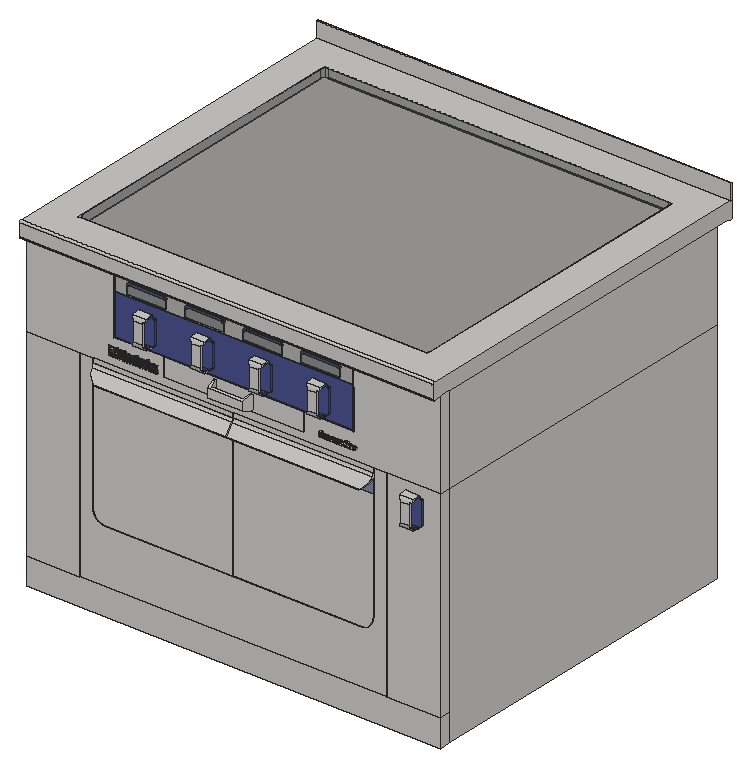
Revit family "QF_ELECTROLUXPROFESSIONAL_589710_MCTHFBJ4AO", category Attrezzature speciali, Revit 2020 (continued)
Definition of nested family "Front_Panel_W1000_Four Knobs"
  Definition of nested family "ELX_Professional_Logo_Small"
    Forms (mm)
      Extrusion 2, solid, material <- "Material_Logo"
        sketch origin (15.5, 0, 0) x (1, 0, 0) y (0, 1, 0)
          loop
            line (40.457, -0.243) -> (38.894, 1.942) -> (40.83, 4.579) -> (42.488, 6.837) -> (39.782, 6.837) -> (37.53, 3.719) -> (35.258, 6.837) -> (32.573, 6.837) -> (34.113, 4.731) -> (36.167, 1.922) -> (34.014, -1.076) -> (32.222, -3.573) -> (34.887, -3.573) -> (37.53, 0.104) -> (40.174, -3.573) -> (42.839, -3.573) -> (40.457, -0.243)
          loop
            line (-46.121, -5.837) -> (-48.039, -5.837) -> (-48.039, -10.814) -> (-47.016, -10.814) -> (-47.016, -9.128) -> (-46.121, -9.128)
            arc (-46.121, -9.128) -> (-44.476, -7.482) -> (-46.121, -5.837) r 1.645
          loop
            line (-46.163, -6.778) -> (-47.016, -6.778) -> (-47.016, -8.187) -> (-46.163, -8.187)
            arc (-46.163, -8.187) -> (-45.458, -7.482) -> (-46.163, -6.778) r 0.704
          loop
            line (-38.313, -5.837) -> (-40.265, -5.837) -> (-40.265, -10.814) -> (-39.241, -10.814) -> (-39.241, -9.1) -> (-38.46, -9.182) -> (-37.48, -10.814) -> (-36.318, -10.814) -> (-37.513, -8.848)
            arc (-37.513, -8.848) -> (-36.888, -8.266) -> (-36.671, -7.441) r 1.536
            arc (-36.671, -7.441) -> (-37.165, -6.305) -> (-38.313, -5.837) r 1.643
          loop
            arc (-38.402, -8.166) -> (-37.707, -7.505) -> (-38.334, -6.778) r 0.696
            line (-38.334, -6.778) -> (-39.241, -6.778) -> (-39.241, -8.166) -> (-38.402, -8.166)
          loop
            circle (-29.965, -8.325) r 2.585
          loop
            circle (-29.965, -8.325) r 1.64
          loop
            line (-23.1, -5.837) -> (-23.1, -10.814) -> (-22.076, -10.814) -> (-22.076, -8.768) -> (-20.204, -8.768) -> (-20.204, -7.828) -> (-22.076, -7.828) -> (-22.076, -6.778) -> (-20.024, -6.778) -> (-20.024, -5.837) -> (-23.1, -5.837)
          loop
            line (-15.802, -5.837) -> (-15.802, -9.2)
            arc (-15.802, -9.2) -> (-15.343, -10.34) -> (-14.209, -10.814) r 1.593
            line (-14.209, -10.814) -> (-12.602, -10.814) -> (-12.602, -10.027) -> (-14.004, -10.027)
            arc (-14.004, -10.027) -> (-14.552, -9.8) -> (-14.779, -9.252) r 0.775
            line (-14.779, -9.252) -> (-14.779, -8.424) -> (-12.789, -8.424) -> (-12.789, -7.642) -> (-14.779, -7.642) -> (-14.779, -6.778) -> (-12.651, -6.778) -> (-12.651, -5.837) -> (-15.802, -5.837)
          loop
            line (-5.909, -7.143) -> (-5.173, -6.638)
            arc (-5.173, -6.638) -> (-5.855, -5.974) -> (-6.781, -5.755) r 1.782
            arc (-6.781, -5.755) -> (-7.397, -5.878) -> (-7.944, -6.189) r 1.974
            arc (-7.944, -6.189) -> (-8.202, -6.5) -> (-8.317, -6.888) r 1.013
            arc (-8.317, -6.888) -> (-8.306, -7.341) -> (-8.192, -7.78) r 1.985
            arc (-8.192, -7.78) -> (-7.749, -8.259) -> (-7.171, -8.563) r 1.928
            arc (-7.171, -8.563) -> (-6.637, -8.779) -> (-6.131, -9.056) r 5.041
            arc (-6.131, -9.056) -> (-5.934, -9.387) -> (-6.09, -9.74) r 0.42
            arc (-6.09, -9.74) -> (-6.631, -9.96) -> (-7.204, -9.845) r 1.016
            arc (-7.204, -9.845) -> (-7.625, -9.603) -> (-7.889, -9.196) r 1.033
            line (-7.889, -9.196) -> (-8.67, -9.686)
            arc (-8.67, -9.686) -> (-8.361, -10.198) -> (-7.908, -10.589) r 1.914
            arc (-7.908, -10.589) -> (-7.334, -10.834) -> (-6.714, -10.896) r 2.063
            arc (-6.714, -10.896) -> (-5.947, -10.743) -> (-5.256, -10.376) r 2.696
            arc (-5.256, -10.376) -> (-4.95, -9.565) -> (-5.108, -8.712) r 1.618
            arc (-5.108, -8.712) -> (-5.448, -8.319) -> (-5.884, -8.035) r 1.876
            arc (-5.884, -8.035) -> (-6.434, -7.789) -> (-6.999, -7.577) r 9.883
            arc (-6.999, -7.577) -> (-7.325, -7.07) -> (-6.854, -6.694) r 0.45
            arc (-6.854, -6.694) -> (-6.329, -6.809) -> (-5.909, -7.143) r 1.197
          loop
            line (1.61, -7.143) -> (2.345, -6.638)
            arc (2.345, -6.638) -> (1.663, -5.974) -> (0.737, -5.755) r 1.782
            arc (0.737, -5.755) -> (0.121, -5.878) -> (-0.425, -6.189) r 1.974
            arc (-0.425, -6.189) -> (-0.683, -6.5) -> (-0.799, -6.888) r 1.013
            arc (-0.799, -6.888) -> (-0.788, -7.341) -> (-0.674, -7.78) r 1.985
            arc (-0.674, -7.78) -> (-0.231, -8.259) -> (0.347, -8.563) r 1.928
            arc (0.347, -8.563) -> (0.881, -8.779) -> (1.387, -9.056) r 5.041
            arc (1.387, -9.056) -> (1.584, -9.387) -> (1.428, -9.74) r 0.42
            arc (1.428, -9.74) -> (0.887, -9.96) -> (0.314, -9.845) r 1.016
            arc (0.314, -9.845) -> (-0.107, -9.603) -> (-0.371, -9.196) r 1.033
            line (-0.371, -9.196) -> (-1.152, -9.686)
            arc (-1.152, -9.686) -> (-0.842, -10.198) -> (-0.39, -10.589) r 1.914
            arc (-0.39, -10.589) -> (0.184, -10.834) -> (0.804, -10.896) r 2.063
            arc (0.804, -10.896) -> (1.572, -10.743) -> (2.263, -10.376) r 2.696
            arc (2.263, -10.376) -> (2.568, -9.565) -> (2.411, -8.712) r 1.618
            arc (2.411, -8.712) -> (2.07, -8.319) -> (1.635, -8.035) r 1.876
            arc (1.635, -8.035) -> (1.084, -7.789) -> (0.519, -7.577) r 9.883
            arc (0.519, -7.577) -> (0.193, -7.07) -> (0.665, -6.694) r 0.45
            arc (0.665, -6.694) -> (1.189, -6.809) -> (1.61, -7.143) r 1.197
          loop
            line (6.801, -5.837) -> (6.801, -10.814) -> (7.825, -10.814) -> (7.825, -5.837) -> (6.801, -5.837)
          loop
            circle (14.724, -8.325) r 1.548
          loop
            circle (14.724, -8.325) r 2.585
          loop
            line (21.59, -10.814) -> (22.623, -10.814) -> (22.623, -7.685) -> (24.9, -10.814) -> (25.895, -10.814) -> (25.895, -5.837) -> (24.861, -5.837) -> (24.861, -9.061) -> (22.585, -5.837) -> (21.59, -5.837) -> (21.59, -10.814)
          loop
            line (31.054, -10.814) -> (31.539, -9.74) -> (33.38, -9.74) -> (33.865, -10.814) -> (34.965, -10.814) -> (32.46, -5.837) -> (29.956, -10.814) -> (31.054, -10.814)
          loop
            line (32.46, -7.698) -> (31.999, -8.719) -> (32.921, -8.719) -> (32.46, -7.698)
          loop
            line (40.047, -9.873) -> (40.047, -5.837) -> (39.024, -5.837) -> (39.024, -10.814) -> (41.961, -10.814) -> (41.961, -9.873) -> (40.047, -9.873)
          loop
            line (-74.986, -10.814) -> (-53.322, -10.814) -> (-53.322, 10.82) -> (-74.986, 10.82) -> (-74.986, -10.814)
          loop
            line (-61.261, 9.758) -> (-61.261, -9.707)
            arc (-61.261, -9.707) -> (-54.066, 0.025) -> (-61.261, 9.758) r 10.18
          loop
            line (-62.251, 8.349) -> (-62.251, 9.758)
            arc (-62.251, 9.758) -> (-70.347, 7.918) -> (-74.247, 0.59) r 9.976
            line (-74.247, 0.59) -> (-71.026, 0.59)
            arc (-71.026, 0.59) -> (-65.274, 2.925) -> (-62.251, 8.349) r 9.351
          loop
            arc (-74.247, -0.539) -> (-70.353, -7.928) -> (-62.251, -9.957) r 10.237
            line (-62.251, -9.957) -> (-62.251, -8.298)
            arc (-62.251, -8.298) -> (-65.274, -2.874) -> (-71.026, -0.539) r 9.351
            line (-71.026, -0.539) -> (-74.247, -0.539)
        from 0 to 1.644
    Dimensions and locks
      aligned and locked: plane 2 to Extrusion 1
      aligned and locked: level to Extrusion 1
Definition of nested family "H450H2W1000_2DOOR"
  Parameters
    Width [instance] = 680 mm
    Wdoor [instance] = Width / 2  # 340 mm
    Show Clearance [instance] = yes
    Model = "727995"
    Height = 450 mm
    Default Elevation = 0 mm
  Reference planes
    plane 1 "Center (Front/Back)": y = 0
    plane 2: z = 0
    plane 3 "Center (Left/Right)": x = 36.042
    plane 4 "panel": z = 25
    plane 5: x = -303.958
    plane 6: x = 376.042
    plane 7: y = 450
    plane 8: z = 340
    plane 9: z = 45
  Forms (mm)
    Extrusion 1, solid
      sketch origin (0, -919.2, 0) x (1, 0, 0) y (0, 1, 0)
        loop
          line (-980.5, 2119.2) -> (-980.5, -162.846) -> (881.94, -162.846) -> (881.94, 2119.2) -> (-980.5, 2119.2)
      from 0 to -59.546
    Extrusion 2, solid
      sketch origin (0, 0, 0) x (1, 0, 0) y (0, 1, 0)
        loop
          line (374.042, 393) -> (37.042, 393) -> (37.042, 97) -> (344.042, 97)
          arc (344.042, 97) -> (365.255, 105.787) -> (374.042, 127) r 30
          line (374.042, 127) -> (374.042, 393)
        loop
          arc (-301.958, 127) -> (-293.171, 105.787) -> (-271.958, 97) r 30
          line (-271.958, 97) -> (35.042, 97) -> (35.042, 393) -> (-301.958, 393) -> (-301.958, 127)
      from 0 to 25
    Extrusion 3, solid
      sketch origin (0, 0, 0) x (1, 0, 0) y (0, 1, 0)
        loop
          line (-301.958, 393) -> (35.042, 393) -> (35.042, 440) -> (-301.958, 440) -> (-301.958, 393)
        loop
          line (37.042, 440) -> (37.042, 393) -> (374.042, 393) -> (374.042, 440) -> (37.042, 440)
      from 0 to 25
    Extrusion 4, solid
      sketch origin (5.581, 79.805, 0) x (1, 0, 0) y (0, 1, 0)
        loop
          line (-307.539, 360.195) -> (29.461, 360.195) -> (29.461, 370.195) -> (-307.539, 370.195) -> (-307.539, 360.195)
        loop
          line (31.461, 370.195) -> (31.461, 360.195) -> (368.461, 360.195) -> (368.461, 370.195) -> (31.461, 370.195)
      from 0 to 25
    Extrusion 5, solid
      sketch origin (36.042, 0, 0) x (0, 1, 0) y (0, 0, 1)
        loop
          line (426.693, 25) -> (440.02, 25)
          arc (440.02, 25) -> (435.261, 25.775) -> (430.993, 28.02) r 15
          line (430.993, 28.02) -> (406.653, 46.362) -> (403.644, 42.369) -> (426.693, 25)
      from 1 to 338
    Extrusion 6, solid
      sketch origin (36.042, 0, 0) x (0, 1, 0) y (0, 0, 1)
        loop
          line (426.693, 25) -> (440.02, 25)
          arc (440.02, 25) -> (435.261, 25.775) -> (430.993, 28.02) r 15
          line (430.993, 28.02) -> (406.653, 46.362) -> (403.644, 42.369) -> (426.693, 25)
      from -338 to -1
    Extrusion 7, void
      sketch origin (0, 0, 0) x (1, 0, 0) y (0, 1, 0)
        loop
          arc (374.042, 426.693) -> (364.508, 412.772) -> (350.317, 403.644) r 42.603
          line (350.317, 403.644) -> (374.042, 403.644) -> (374.042, 426.693)
      from 0 to 47.9
    Extrusion 8, void
      sketch origin (72.084, 0, 0) x (-1, 0, 0) y (0, -1, 0)
        loop
          line (374.042, -426.693) -> (374.042, -403.644) -> (350.317, -403.644)
          arc (350.317, -403.644) -> (364.508, -412.772) -> (374.042, -426.693) r 42.603
      from 0 to 47.9
    Extrusion 9, solid, detail levels coarse
      sketch origin (0, 0, 0) x (1, 0, 0) y (0, 0, 1)
        loop
          arc (36.231, 25) -> (-56.085, 247.873) -> (-278.958, 340.189) r 315.189
          line (-278.958, 340.189) -> (-278.958, 25) -> (36.231, 25)
      from -450 to -97
    Extrusion 10, solid, detail levels coarse
      sketch origin (0, 0, 0) x (1, 0, 0) y (0, 0, 1)
        loop
          arc (351.042, 340) -> (128.303, 247.739) -> (36.042, 25) r 315
          line (36.042, 25) -> (351.042, 25) -> (351.042, 340)
      from -450 to -97
  Cuts and joins
    Extrusion 8 cuts Extrusion 6
    Extrusion 7 cuts Extrusion 5
  Lines and regions (mm)
    symbolic lines
      curve 1: line (376.042, 0, 45) -> (376.042, 0, 340)
      curve 2: line (351.042, 0, 45) -> (351.042, 0, 340)
      curve 3: line (376.042, 0, 340) -> (351.042, 0, 340)
      curve 4: line (-303.958, 0, 45) -> (-303.958, 0, 340)
      curve 5: line (-278.958, 0, 45) -> (-278.958, 0, 340)
      curve 6: line (-303.958, 0, 340) -> (-278.958, 0, 340)
      curve 7: arc (351.042, 0, 340) -> (135.522, 0, 254.731) -> (36.683, 0, 45.088) r 315
      curve 8: arc (35.407, 0, 44.997) -> (-63.405, 0, 254.7) -> (-278.958, 0, 340) r 315
  Dimensions and locks
    plane 4 "panel" to level = 25 mm
    "Width": plane 5 to plane 6
    equal spacing: plane 5, plane 3 "Center (Left/Right)", plane 6
    "Height": plane 1 "Center (Front/Back)" to plane 7
    locked: plane 5 to Extrusion 2 sketch curve at 2
    locked: Extrusion 2 sketch curve to plane 6 at 2
    locked: plane 1 "Center (Front/Back)" to Extrusion 2 sketch curve at 97
    locked: plane 7 to Extrusion 2 sketch curve at 57
    locked: Extrusion 2 sketch curve to plane 3 "Center (Left/Right)" at 1
    locked: plane 3 "Center (Left/Right)" to Extrusion 2 sketch curve at 1
    Extrusion 3 sketch curve to Extrusion 2 = 47 mm
    "Wdoor": plane 8 to level
    locked: curve 2 to curve 1 at 25
    locked: curve 5 to curve 4 at 25
    plane 4 "panel" to plane 9 = 20 mm
    aligned and locked: plane 2 to Extrusion 1
    aligned and locked: level to Extrusion 1
    aligned and locked: plane 4 "panel" to Extrusion 2
    aligned and locked: Extrusion 2 to Extrusion 3 sketch curve
    aligned and locked: Extrusion 3 sketch curve to Extrusion 2  (x2)
    aligned and locked: Extrusion 3 sketch curve to Extrusion 3 sketch curve
    aligned and locked: plane 4 "panel" to Extrusion 3
    aligned and locked: Extrusion 4 sketch curve to Extrusion 4 sketch curve
    aligned and locked: Extrusion 4 sketch curve to Extrusion 3  (x3)
    aligned and locked: Extrusion 3 to Extrusion 4 sketch curve
    aligned and locked: Extrusion 4 sketch curve to plane 7
    aligned and locked: Extrusion 3 to Extrusion 5
    aligned and locked: Extrusion 5 to Extrusion 3
    aligned and locked: Extrusion 6 to Extrusion 3
    aligned and locked: Extrusion 3 to Extrusion 6
    aligned and locked: Extrusion 7 sketch curve to Extrusion 5
    aligned and locked: Extrusion 8 to Extrusion 6
    aligned and locked: Extrusion 4 to Extrusion 8
    aligned and locked: Extrusion 2 to Extrusion 7
    aligned and locked: Extrusion 7 to Extrusion 5
    aligned and locked: Extrusion 4 to Extrusion 3  (x2)
    aligned and locked: Extrusion 3 to Extrusion 2
    aligned and locked: Extrusion 4 to Extrusion 2
    aligned and locked: curve 3 to plane 8
    aligned and locked: curve 1 to plane 6
    aligned and locked: curve 4 to plane 5
    aligned and locked: Extrusion 9 sketch curve to plane 4 "panel"
    aligned and locked: Extrusion 10 sketch curve to curve 7
    aligned and locked: Extrusion 10 sketch curve to curve 2
    aligned and locked: Extrusion 2 to Extrusion 9
    aligned and locked: Extrusion 2 to Extrusion 10
    aligned and locked: plane 7 to Extrusion 9
    aligned and locked: Extrusion 3 to Extrusion 4
  Automatic sketch dimensions
    Extrusion 1 sketch curve to Extrusion 1 sketch curve = 1862.44 mm
    Extrusion 1 sketch curve to Extrusion 1 sketch curve = 2282.046 mm
    Extrusion 2 sketch curve to Extrusion 2 sketch curve = 30 mm  (x2)
    Extrusion 2 sketch curve to plane 1 "Center (Front/Back)" = 97 mm
    Extrusion 2 sketch curve to Extrusion 2 sketch curve = 0 mm
    Extrusion 3 sketch curve to plane 3 "Center (Left/Right)" = 1 mm
    plane 5 to Extrusion 3 sketch curve = 2 mm
    Extrusion 3 sketch curve to Extrusion 3 sketch curve = 0 mm
    Extrusion 5 sketch curve to plane 4 "panel" = 0 mm
    plane 4 "panel" to Extrusion 5 sketch curve = 17.369 mm
    Extrusion 5 sketch curve to plane 7 = 46.356 mm
    plane 4 "panel" to Extrusion 5 sketch curve = 21.362 mm
    Extrusion 5 sketch curve to Extrusion 5 sketch curve = 3.009 mm
    plane 4 "panel" to Extrusion 5 sketch curve = 3.02 mm
    Extrusion 5 sketch curve to Extrusion 5 sketch curve = 9.027 mm
    Extrusion 6 sketch curve to plane 4 "panel" = 0 mm
    plane 4 "panel" to Extrusion 6 sketch curve = 17.369 mm
    Extrusion 6 sketch curve to plane 7 = 46.356 mm
    plane 4 "panel" to Extrusion 6 sketch curve = 21.362 mm
    Extrusion 6 sketch curve to Extrusion 6 sketch curve = 3.009 mm
    plane 4 "panel" to Extrusion 6 sketch curve = 3.02 mm
    Extrusion 6 sketch curve to Extrusion 6 sketch curve = 9.027 mm
    Extrusion 7 sketch curve to Extrusion 7 sketch curve = 23.725 mm
    Extrusion 7 sketch curve to plane 7 = 6.671 mm
    Extrusion 7 sketch curve to plane 6 = 41.221 mm
    Extrusion 7 sketch curve to plane 7 = 23.307 mm
    plane 7 to Extrusion 8 sketch curve = 6.671 mm
    Extrusion 8 sketch curve to plane 5 = 41.221 mm
    Extrusion 8 sketch curve to plane 5 = 25.725 mm
    Extrusion 8 sketch curve to plane 5 = 2 mm
    plane 7 to Extrusion 8 sketch curve = 23.307 mm
    Extrusion 4 sketch curve to Extrusion 4 sketch curve = 10 mm
    Extrusion 4 sketch curve to plane 7 = 10 mm
    curve 2 to plane 9 = 0 mm
    curve 5 to plane 9 = 0 mm
    curve 4 to plane 9 = 0 mm
    curve 1 to plane 9 = 0 mm
    curve 8 to plane 4 "panel" = 0 mm
    curve 5 to plane 8 = 0 mm
    curve 8 to plane 9 = 0.003 mm
    curve 7 to plane 4 "panel" = 0 mm
    plane 9 to curve 7 = 0.088 mm
    plane 5 to Extrusion 9 sketch curve = 25 mm
    plane 3 "Center (Left/Right)" to Extrusion 9 sketch curve = 0.189 mm
Definition of nested family "Warm"
  Reference planes
    plane 1 "Center (Front/Back)": y = 0
    plane 2: z = 0
    plane 3 "Center (Left/Right)": x = 0
  Lines and regions (mm)
    detail lines, in view "Ref. Level"
      curve 1: circle (-165.742, 180.331, 0) r 45 normal (0, 0, 1)
      curve 2: line (-165.742, 125.331, 0) -> (-165.742, 80.331, 0)
      curve 3: line (-165.742, 235.331, 0) -> (-165.742, 280.331, 0)
      curve 4: line (-105.742, 180.331, 0) -> (-65.742, 180.331, 0)
      curve 5: line (-220.742, 180.331, 0) -> (-265.742, 180.331, 0)
      curve 6: line (-126.851, 141.44, 0) -> (-95.031, 109.62, 0)
      curve 7: line (-204.632, 219.221, 0) -> (-236.452, 251.041, 0)
      curve 8: line (-126.851, 219.221, 0) -> (-95.031, 251.041, 0)
      curve 9: line (-204.632, 141.44, 0) -> (-236.452, 109.62, 0)
